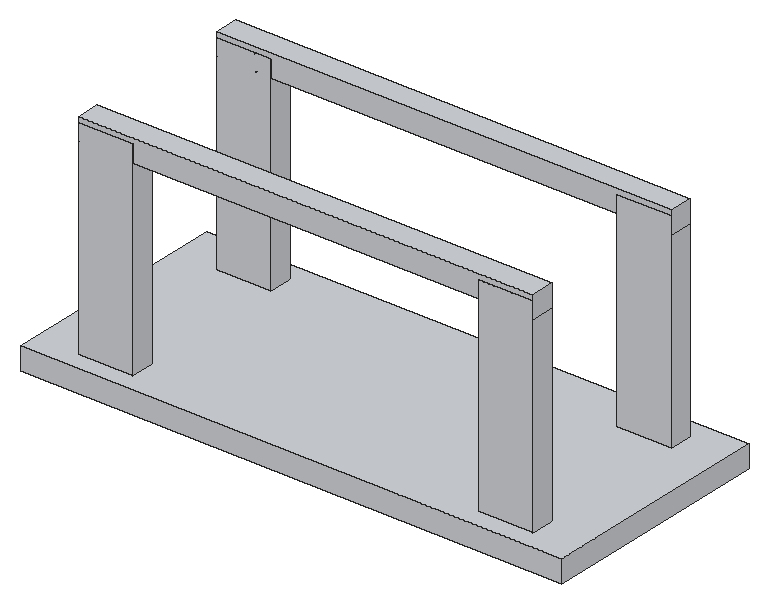
Revit family "GIS_BayFrame", category Modelos genéricos, Revit 2027
Family settings
  Pode hospedar o vergalhão = Não
  Cota do conector redondo = Utilizar diâmetro
  Tipo de parte = Normal
  Com base no plano de trabalho = Não
  Sempre na vertical = Sim
  Corte com vazios quando carregada = Não
  Manter orientação da anotação = Não
  Compartilhado = Não
  Ponto de cálculo do ambiente = Não
Parameters (values of type "GIS_SUPPORT_STUDY")
  Elevação padrão = 0 mm
  BIM_TensaoSecundaria_kV = 0
  BIM_TensaoNominal_kV = 138
  BIM_TensaoClasse_kV = 145
  BIM_TensaoClasseSecundaria_kV = 0
  BIM_Sistema_Elemento [instance] = ""
  BIM_ReferenciaCatalogo = "Portfolio estimate; replace with selected OEM outline drawing"
  BIM_Profundidade = 2500 mm
  BIM_Potencia_MVA = 0
  BIM_Localizacao [instance] = ""
  BIM_Largura = 5800 mm
  BIM_Impedancia_pu = 0
  BIM_FonteGeometria = "Portfolio estimate; replace with selected OEM outline drawing"
  BIM_Fabricante = "NAO SELECIONADO"
  BIM_EstadoGeometria = "ESTIMATED"
  BIM_EstadoEspecificacao = "PREMISSA / NAO SELECIONADO"
  BIM_DescricaoEstudo = "Suporte e envelope conceitual de bay GIS; sem isolacao, fabricante ou rating de curto especificado."
  BIM_CorrenteReferenciaSecundaria_A = 0
  BIM_CorrenteNominal_A = 0
  BIM_Bay [instance] = ""
  BIM_AlturaCorpoPrincipal = 240 mm
  BIM_Altura = 3000 mm
Reference planes
  plane 1 "Centro (Frente/Trás)": y = 0
  plane 2: z = 0
  plane 3 "Centro (Esquerda/Direita)": x = 0
  plane 4 "BIM Left": x = -2900
  plane 5 "BIM Right": x = 2900
  plane 6 "BIM Front": y = -1250
  plane 7 "BIM Back": y = 1250
Forms (mm)
  Extrusion 1, solid
    sketch origin (0, 0, 0) x (1, 0, 0) y (0, 1, 0)
      loop
        line (-2900, -1250) -> (2900, -1250) -> (2900, 1250) -> (-2900, 1250) -> (-2900, -1250)
    from 0 to 240 <- "BIM_AlturaCorpoPrincipal"
  Extrusion 2, solid
    sketch origin (0, 0, 0) x (1, 0, 0) y (0, 1, 0)
      loop
        line (-2436, -1050) -> (-1856, -1050) -> (-1856, -800) -> (-2436, -800) -> (-2436, -1050)
    from 0 to 2460
  Extrusion 3, solid
    sketch origin (0, 0, 0) x (1, 0, 0) y (0, 1, 0)
      loop
        line (1856, -1050) -> (2436, -1050) -> (2436, -800) -> (1856, -800) -> (1856, -1050)
    from 0 to 2460
  Extrusion 4, solid
    sketch origin (0, 0, 0) x (1, 0, 0) y (0, 1, 0)
      loop
        line (-2436, 800) -> (-1856, 800) -> (-1856, 1050) -> (-2436, 1050) -> (-2436, 800)
    from 0 to 2460
  Extrusion 5, solid
    sketch origin (0, 0, 0) x (1, 0, 0) y (0, 1, 0)
      loop
        line (1856, 800) -> (2436, 800) -> (2436, 1050) -> (1856, 1050) -> (1856, 800)
    from 0 to 2460
  Extrusion 6, solid
    sketch origin (0, 0, 2280) x (1, 0, 0) y (0, 1, 0)
      loop
        line (-2436, 800) -> (2436, 800) -> (2436, 1050) -> (-2436, 1050) -> (-2436, 800)
    from 0 to 240
  Extrusion 7, solid
    sketch origin (0, 0, 2280) x (1, 0, 0) y (0, 1, 0)
      loop
        line (-2436, -1050) -> (2436, -1050) -> (2436, -800) -> (-2436, -800) -> (-2436, -1050)
    from 0 to 240
Dimensions and locks
  "BIM_Largura": plane 4 "BIM Left" to plane 5 "BIM Right"
  "BIM_Profundidade": plane 6 "BIM Front" to plane 7 "BIM Back"
  aligned and locked: level to plane 2
  aligned and locked: plane 4 "BIM Left" to Extrusion 1
  aligned and locked: Extrusion 1 to plane 5 "BIM Right"
  aligned and locked: Extrusion 1 to plane 6 "BIM Front"
  aligned and locked: plane 7 "BIM Back" to Extrusion 1
Automatic sketch dimensions
  Extrusion 1 sketch curve to plane 4 "BIM Left" = 0 mm
  Extrusion 1 sketch curve to plane 5 "BIM Right" = 0 mm
  Extrusion 1 sketch curve to plane 6 "BIM Front" = 0 mm
  Extrusion 1 sketch curve to plane 7 "BIM Back" = 0 mm
  plane 6 "BIM Front" to Extrusion 2 sketch curve = 200 mm
  Extrusion 2 sketch curve to plane 4 "BIM Left" = 464 mm
  Extrusion 2 sketch curve to Extrusion 2 sketch curve = 580 mm
  Extrusion 2 sketch curve to Extrusion 2 sketch curve = 250 mm
  plane 6 "BIM Front" to Extrusion 3 sketch curve = 200 mm
  plane 5 "BIM Right" to Extrusion 3 sketch curve = 1044 mm
  plane 5 "BIM Right" to Extrusion 3 sketch curve = 464 mm
  Extrusion 3 sketch curve to Extrusion 3 sketch curve = 250 mm
  Extrusion 4 sketch curve to plane 4 "BIM Left" = 464 mm
  Extrusion 4 sketch curve to plane 7 "BIM Back" = 200 mm
  Extrusion 4 sketch curve to Extrusion 4 sketch curve = 580 mm
  Extrusion 4 sketch curve to Extrusion 4 sketch curve = 250 mm
  Extrusion 5 sketch curve to plane 7 "BIM Back" = 450 mm
  plane 5 "BIM Right" to Extrusion 5 sketch curve = 1044 mm
  Extrusion 5 sketch curve to plane 7 "BIM Back" = 200 mm
  plane 5 "BIM Right" to Extrusion 5 sketch curve = 464 mm
  Extrusion 6 sketch curve to plane 4 "BIM Left" = 464 mm
  Extrusion 6 sketch curve to plane 7 "BIM Back" = 200 mm
  plane 5 "BIM Right" to Extrusion 6 sketch curve = 464 mm
  Extrusion 6 sketch curve to Extrusion 6 sketch curve = 250 mm
  plane 6 "BIM Front" to Extrusion 7 sketch curve = 200 mm
  Extrusion 7 sketch curve to plane 4 "BIM Left" = 464 mm
  plane 5 "BIM Right" to Extrusion 7 sketch curve = 464 mm
  Extrusion 7 sketch curve to Extrusion 7 sketch curve = 250 mm
